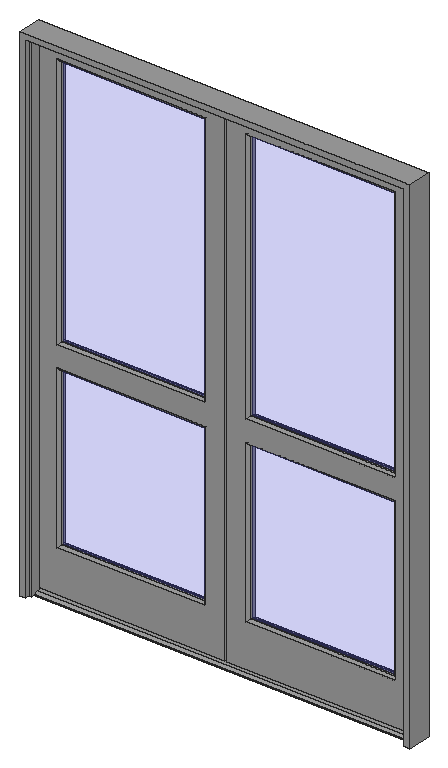
Revit family "MS-375 DOOR-Double-VIP-0.25-CW_v04", category Curtain Panels, Revit 2015
Parameters
  Width [instance] = 6' - 2"
  VIP2 Panic Devices [instance] = not(VIP1 Panic Devices)  # yes
  URL = "obe.com"
  Rough Width = 6' - 0"
  Panel Width [instance] = Min Panel Width  # 6' - 0"
  Panel Offset [instance] = 0' - 0"
  Offset [instance] = 0' - 0"
  Model = "MS-375-DOOR"
  Min Rough Width = if(Rough Width > 6' 1 255/256", Rough Width, 6' 2")  # 6' - 2"
  Min Panel Width = if(Rough Width > 6' 1 255/256", Rough Width - 0' 2", 6' 0")  # 6' - 0"
  Manufacturer = "Oldcastle BuildingEnvelope®"
  Keynote = "08 11 00"
  Hinge [instance] = yes
  Height [instance] = 8' - 0"
  Pushbar Height [instance] = 3' - 5 1/4"  # constant formula
  Glass Material = Glass
  Frame Material = Aluminum
  Door Panel Height [instance] = Height - 0' 0 5/8"  # 7' - 11 3/8"
  Description = "MS-375 - 1/4\" Door Infill"
  Assembly Code = "B2030"
  Analytic Construction = "<None>"
  VIP1 Panic Devices [instance] = no
  10 Bottom Rail [instance] = not([8 Bottom Rail])  # no
  8 Bottom Rail [instance] = yes
Reference planes (in)
  plane 1 "Front": y = 0
  plane 2: z = 0
  plane 3 "Center (Left/Right)": x = 0
  plane 4 "Left": x = -37
  plane 5 "Right": x = 37
  plane 6 "Top": z = 96
  plane 7 "Offset": y = 0
  plane 8: y = -1.28244
  plane 9: y = -1.28244
  plane 10: x = -37
  plane 11: x = 37
Forms (in)
  Sweep 1, solid, material "Aluminum" <- "Frame Material"
    path origin (0, 0, 0) x (-1, 0, 0) y (0, 0, 1)
      loop
        line (37, 0) -> (37, 96)
    profile origin (-37, 0, 48) x (1, 0, 0) y (0, 1, 0)
      loop
        line (1, -1.97) -> (1, 0) -> (0, 0) -> (0, -4.5) -> (1, -4.5) -> (1, -3.595) -> (1.5, -3.595) -> (1.5, -1.97) -> (1, -1.97)
  Sweep 2, solid, material "Aluminum" <- "Frame Material"
    path origin (0, 0, 0) x (-1, 0, 0) y (0, 0, 1)
      loop
        line (-37, 0) -> (-37, 96)
    profile origin (37, 0, 48) x (1, 0, 0) y (0, 1, 0)
      loop
        line (-1, -1.97) -> (-1.5, -1.97) -> (-1.5, -3.595) -> (-1, -3.595) -> (-1, -4.5) -> (0, -4.5) -> (0, 0) -> (-1, 0) -> (-1, -1.97)
  Extrusion 3, solid, material "Aluminum" <- "Frame Material"
    sketch origin (-37, 0, 0) x (0, -1, 0) y (0, 0, 1)
      loop
        line (1.97, 94.5) -> (3.595, 94.5) -> (3.595, 95) -> (4.5, 95) -> (4.5, 96) -> (0, 96) -> (0, 95) -> (1.97, 95) -> (1.97, 94.5)
    from -74 to 0
Cuts and joins
  joined: Sweep 1, Sweep 2, Extrusion 3
Text (in)
  text "Exterior" at (-54.29358, 31.38743, 0), in view "Ref. Level"
  text "Exterior" at (480, 41.53993, 89.60405), in view "Right"
  text "Exterior" at (-240, 57.82419, 105.78864), in view "Left"
Dimensions and locks (in)
  equal spacing: plane 4 "Left", plane 3 "Center (Left/Right)", plane 5 "Right"
  "Width": plane 4 "Left" to plane 5 "Right"
  "Height": plane 6 "Top" to plane 2
  "Offset": plane 1 "Front" to plane 7 "Offset"
  locked: plane 7 "Offset" to plane 8 at 1.28244
  locked: plane 7 "Offset" to plane 9 at 1.28244
  locked: plane 7 "Offset" to nested 3 at 1.28244
  Extrusion 3 sketch curve to Extrusion 3 sketch curve to Extrusion 3 sketch curve = 0' - 0 1/2" locked, 0' - 0" locked
  Extrusion 3 sketch curve to Extrusion 3 sketch curve to Extrusion 3 sketch curve to Extrusion 3 sketch curve = 0' - 1.97" locked, 0' - 1 5/8" locked, 0' - 0.905" locked
  locked: Extrusion 3 sketch curve to Extrusion 3 sketch curve at 1
  equal spacing: plane 10, plane 3 "Center (Left/Right)", plane 11
  "Min Rough Width": plane 10 to plane 11
  aligned and locked: level to plane 2
  aligned and locked: nested 1 to plane 8
  aligned and locked: plane 9 to nested 2
  aligned and locked: plane 6 "Top" to Sweep 1 sketch curve
  aligned and locked: level to Sweep 1 sketch curve
  aligned and locked: plane 6 "Top" to Sweep 2 sketch curve
  aligned and locked: level to Sweep 2 sketch curve
  aligned and locked: plane 6 "Top" to nested 3
  aligned and locked: Extrusion 3 to plane 6 "Top"
  aligned and locked: Extrusion 3 sketch curve to plane 6 "Top"
  aligned and locked: plane 3 "Center (Left/Right)" to nested 4
  aligned and locked: nested 4 to plane 7 "Offset"
  aligned and locked: nested 2 to plane 10
  aligned and locked: plane 11 to nested 1
  aligned and locked: plane 11 to Sweep 2 sketch curve
  aligned and locked: Sweep 1 sketch curve to plane 10
  aligned and locked: cut or joined group of Sweep 1, Sweep 2, Extrusion 3 to plane 11
  aligned and locked: cut or joined group of Sweep 1, Sweep 2, Extrusion 3 to plane 10
Automatic sketch dimensions
  Sweep 1 sketch curve to profile plane = 0' - 0"
  Sweep 1 sketch curve to plane 7 "Offset" = 0' - 0"
  Sweep 1 sketch curve to profile plane = 0' - 1"  (x2)
  Sweep 1 sketch curve to Sweep 1 sketch curve = 0' - 0 1/2"
  Sweep 1 sketch curve to plane 7 "Offset" = 0' - 1.97"
  Sweep 1 sketch curve to Sweep 1 sketch curve = 0' - 1 5/8"
  Sweep 1 sketch curve to Sweep 1 sketch curve = 0' - 0.905"
  Sweep 2 sketch curve to plane 7 "Offset" = 0' - 0"
  Sweep 2 sketch curve to profile plane = 0' - 0"
  profile plane to Sweep 2 sketch curve = 0' - 1"  (x2)
  Sweep 2 sketch curve to Sweep 2 sketch curve = 0' - 0 1/2"
  Sweep 2 sketch curve to plane 7 "Offset" = 0' - 1.97"
  Sweep 2 sketch curve to Sweep 2 sketch curve = 0' - 1 5/8"
  Sweep 2 sketch curve to Sweep 2 sketch curve = 0' - 0.905"
  Extrusion 3 sketch curve to plane 7 "Offset" = 0' - 0"
Nested families (in)
  nested 1: "2.5x6-RTCIG CW-H8533-DHD-OHD SC-DI" at (37, -1.28244, 0) x (0, -1, 0) z (0, 0, 1), type "2.5x6-RTCIG CW-H8533-DHD-OHD SC-DI"
  nested 2: "2.5x6-RTCIG CW-H8533-DHD-OHD SC-DI" at (-37, -1.28244, 0) x (0, -1, 0) z (0, 0, 1), type "2.5x6-RTCIG CW-H8533-DHD-OHD SC-DI"
  nested 3: "2.5x6-RTCIG CW-H8533-DHD-OHD SC-DI" at (-33, -1.28244, 96) x (0, -1, 0) z (-1, 0, 0), type "2.5x6-RTCIG CW-H8533-DHD-OHD SC-DI"
  nested 4: "MS-375 DOOR-Double-VIP-0.25-Panel_v03" at (0, -16, 0), Height <- "Door Panel Height", Hinge <- "Hinge", Frame Material <- "Frame Material", Glass Material <- "Glass Material", Width <- "Min Panel Width", VIP1 Panic Devices <- "VIP1 Panic Devices", 8 Bottom Rail <- "8 Bottom Rail", Offset <- "Panel Offset", type "MS-375 DOOR-Double-VIP-0.25-Panel_v03"
    with Wing Width 3' - 0", built-in parameter 1001301 6' - 0", VIP1 Panic Devices no, Pushbar Height 3' - 5 1/4", Offset 0' - 0", Hinge yes, built-in parameter 1001300 7' - 11 3/8", Glass at Muntin 0' - 4 9/16", Glass Material Glass, Frame Material Aluminum, Bottom Rail 0' - 8 31/32", 8 Bottom Rail yes
Definition of nested family "MS-375 DOOR-Double-VIP-0.25-Panel_v03"
  Parameters (values of type "MS-375 DOOR-Double-VIP-0.25-Panel_v03")
    Wing Width [instance] = Width / 2  # 3' - 0"
    Width [instance] = 6' - 0"
    VIP1 Panic Devices [instance] = no
    Offset [instance] = 0' - 10.9713"
    Hinge [instance] = yes
    Height [instance] = 8' - 0"
    Glass at Muntin [instance] = if(VIP1 Panic Devices, 0' 8 9/16", 0' 4 9/16")  # 0' - 4 9/16"
    Pushbar Height [instance] = 3' - 5 1/4"  # constant formula
    Glass Material [instance] = none
    Frame Material [instance] = none
    Bottom Rail [instance] = if([8 Bottom Rail], 0' 8 31/32", 0' 10 31/32")  # 0' - 10 31/32"
    8 Bottom Rail [instance] = no
  Reference planes (in)
    plane 1 "00": y = 4.0912
    plane 2: z = 0
    plane 3 "Center (Left/Right)": x = 0
    plane 4: z = 96
    plane 5: x = 36
    plane 6: x = -36
    plane 7 "Center (Front/Back)": y = 16
    plane 8 "Exterior": y = 4.2162
    plane 9: z = 48
    plane 10: z = 92.96875
    plane 11: z = 92.21875
    plane 12: z = 43.53125
    plane 13: z = 38.96875
    plane 14: z = 10.96875
    plane 15 "Offset": y = 5.0287
    plane 16: z = 41.25
  Forms (in)
    Sweep 1, solid, material <- "Frame Material"
      path origin (0, 4.0912, 0) x (1, 0, 0) y (0, 0, 1)
        loop
          line (-35.79434, 96) -> (-0.22004, 96)
      profile origin (-18.00719, 4.0912, 96) x (0, 0, 1) y (0, -1, 0)
        loop
          line (-0.5, -0.875) -> (-0.5, 0.875) -> (-3.49593, 0.875) -> (-4, 0.45204) -> (-4, 0.125) -> (-3.78125, 0.125) -> (-3.78125, -0.125) -> (-4, -0.125) -> (-4, -0.45204) -> (-3.49593, -0.875) -> (-0.5, -0.875)
    Sweep 2, solid, material <- "Frame Material"
      path origin (0, 4.0912, 0) x (1, 0, 0) y (0, 0, 1)
        loop
          line (-0.22004, 0) -> (-35.79434, 0)
      profile origin (-18.00719, 4.0912, 0) x (0, 0, -1) y (0, -1, 0)
        loop
          line (-10.68343, -0.875) -> (-0.6875, -0.875) -> (-0.6875, 0.875) -> (-10.68343, 0.875) -> (-11.1875, 0.45204) -> (-11.1875, 0.125) -> (-10.96875, 0.125) -> (-10.96875, -0.125) -> (-11.1875, -0.125) -> (-11.1875, -0.45204) -> (-10.68343, -0.875)
    Sweep 3, solid, material <- "Frame Material"
      path origin (0, 4.0912, 0) x (1, 0, 0) y (0, 0, 1)
        loop
          line (36, 95.5) -> (36, 0.6875)
      profile origin (36, 4.0912, 48.09375) x (0, -1, 0) y (1, 0, 0)
        loop
          line (0.875, -0.19608) -> (-0.875, -0.08708) -> (-0.875, -3.83189) -> (-0.45204, -4.33596) -> (-0.125, -4.33596) -> (-0.125, -4.11721) -> (0.125, -4.11721) -> (0.125, -4.33596) -> (0.45204, -4.33596) -> (0.875, -3.83189) -> (0.875, -0.19608)
    Sweep 4, solid, material <- "Frame Material"
      path origin (0, 4.0912, 0) x (1, 0, 0) y (0, 0, 1)
        loop
          line (-36, 95.5) -> (-36, 0.6875)
      profile origin (-36, 4.0912, 48.09375) x (0, -1, 0) y (1, 0, 0)
        loop
          line (-0.875, 0.09666) -> (0.875, 0.20566) -> (0.875, 3.84147) -> (0.45204, 4.34554) -> (0.125, 4.34554) -> (0.125, 4.12679) -> (-0.125, 4.12679) -> (-0.125, 4.34554) -> (-0.45204, 4.34554) -> (-0.875, 3.84147) -> (-0.875, 0.09666)
    Sweep 5, solid, material <- "Frame Material"
      path origin (0, 4.0912, 0) x (1, 0, 0) y (0, 0, 1)
        loop
          line (-0.22004, 48) -> (-35.79434, 48)
      profile origin (-18.00719, 4.0912, 48) x (0, 0, -1) y (0, -1, 0)
        loop
          line (4.25, 0.45204) -> (4.25, 0.125) -> (4.46875, 0.125) -> (4.46875, -0.125) -> (4.25, -0.125) -> (4.25, -0.45204) -> (4.75407, -0.875) -> (8.74593, -0.875) -> (9.25, -0.45204) -> (9.25, -0.125) -> (9.03125, -0.125) -> (9.03125, 0.125) -> (9.25, 0.125) -> (9.25, 0.45204) -> (8.74593, 0.875) -> (4.75407, 0.875) -> (4.25, 0.45204)
    Sweep 6, solid, material <- "Frame Material"
      path origin (0, 4.0912, 0) x (1, 0, 0) y (0, 0, 1)
        loop
          line (0, 95.5) -> (0, 0.6875)
      profile origin (0, 4.0912, 48.09375) x (0, -1, 0) y (1, 0, 0)
        loop
          line (-0.875, -0.22004) -> (-0.875, -3.80843) -> (-0.45204, -4.3125) -> (-0.125, -4.3125) -> (-0.125, -4.09375) -> (0.125, -4.09375) -> (0.125, -4.3125) -> (0.45204, -4.3125) -> (0.875, -3.80843) -> (0.875, -0.22004)
          arc (0.875, -0.22004) -> (0, -0.0625) -> (-0.875, -0.22004) r 2.50872
        loop
          arc (-0.875, 0.22004) -> (0, 0.0625) -> (0.875, 0.22004) r 2.50872
          line (0.875, 0.22004) -> (0.875, 3.80843) -> (0.45204, 4.3125) -> (0.125, 4.3125) -> (0.125, 4.09375) -> (-0.125, 4.09375) -> (-0.125, 4.3125) -> (-0.45204, 4.3125) -> (-0.875, 3.80843) -> (-0.875, 0.22004)
    Sweep 7, solid, material <- "Frame Material"
      path origin (0, 4.0912, 0) x (1, 0, 0) y (0, 0, 1)
        loop
          line (0.22004, 96) -> (35.80392, 96)
      profile origin (18.01198, 4.0912, 96) x (0, 0, 1) y (0, -1, 0)
        loop
          line (-0.5, -0.875) -> (-0.5, 0.875) -> (-3.49593, 0.875) -> (-4, 0.45204) -> (-4, 0.125) -> (-3.78125, 0.125) -> (-3.78125, -0.125) -> (-4, -0.125) -> (-4, -0.45204) -> (-3.49593, -0.875) -> (-0.5, -0.875)
    Sweep 8, solid, material <- "Frame Material"
      path origin (0, 4.0912, 0) x (1, 0, 0) y (0, 0, 1)
        loop
          line (35.80392, 48) -> (0.22004, 48)
      profile origin (18.01198, 4.0912, 48) x (0, 0, -1) y (0, -1, 0)
        loop
          line (4.25, 0.45204) -> (4.25, 0.125) -> (4.46875, 0.125) -> (4.46875, -0.125) -> (4.25, -0.125) -> (4.25, -0.45204) -> (4.75407, -0.875) -> (8.74593, -0.875) -> (9.25, -0.45204) -> (9.25, -0.125) -> (9.03125, -0.125) -> (9.03125, 0.125) -> (9.25, 0.125) -> (9.25, 0.45204) -> (8.74593, 0.875) -> (4.75407, 0.875) -> (4.25, 0.45204)
    Sweep 9, solid, material <- "Frame Material"
      path origin (0, 4.0912, 0) x (1, 0, 0) y (0, 0, 1)
        loop
          line (35.80392, 0) -> (0.22004, 0)
      profile origin (18.01198, 4.0912, 0) x (0, 0, -1) y (0, -1, 0)
        loop
          line (-10.68343, -0.875) -> (-0.6875, -0.875) -> (-0.6875, 0.875) -> (-10.68343, 0.875) -> (-11.1875, 0.45204) -> (-11.1875, 0.125) -> (-10.96875, 0.125) -> (-10.96875, -0.125) -> (-11.1875, -0.125) -> (-11.1875, -0.45204) -> (-10.68343, -0.875)
    Extrusion 10, solid, material <- "Glass Material"
      sketch origin (0, 0, 0) x (1, 0, 0) y (0, 1, 0)
        loop
          line (-31.87209, 4.2162) -> (-31.87209, 3.9662) -> (-4.09375, 3.9662) -> (-4.09375, 4.2162) -> (-31.87209, 4.2162)
      from 10.96875 to 38.96875
    Extrusion 11, solid, material <- "Glass Material"
      sketch origin (0, 0, 0) x (1, 0, 0) y (0, 1, 0)
        loop
          line (4.09375, 4.2162) -> (4.09375, 3.9662) -> (31.88167, 3.9662) -> (31.88167, 4.2162) -> (4.09375, 4.2162)
      from 10.96875 to 38.96875
    Extrusion 12, solid, material <- "Glass Material"
      sketch origin (0, 0, 0) x (1, 0, 0) y (0, 1, 0)
        loop
          line (-4.09375, 4.2162) -> (-31.87209, 4.2162) -> (-31.87209, 3.9662) -> (-4.09375, 3.9662) -> (-4.09375, 4.2162)
      from 43.53125 to 92.21875
    Extrusion 13, solid, material <- "Glass Material"
      sketch origin (0, 0, 0) x (1, 0, 0) y (0, 1, 0)
        loop
          line (31.88167, 4.2162) -> (4.09375, 4.2162) -> (4.09375, 3.9662) -> (31.88167, 3.9662) -> (31.88167, 4.2162)
      from 43.53125 to 92.21875
    Sweep 14, solid, material <- "Frame Material"
      path origin (0, 5.0287, 0) x (1, 0, 0) y (0, 0, 1)
        loop
          line (-35.79434, 0) -> (35.80392, 0)
      profile origin (0.00479, 5.0287, 0) x (0, 0, 1) y (0, -1, 0)
        loop
          line (0.5, 2.468) -> (0.19364, 3.125) -> (0, 3.125) -> (0, -0.875) -> (0.19364, -0.875) -> (0.5, -0.218) -> (0.5, 2.468)
  Cuts and joins
    joined: Sweep 1, Sweep 2, Sweep 3, Sweep 4, Sweep 5, Sweep 6, Sweep 7, Sweep 8, Sweep 9
  Lines and regions (in)
    model lines
      curve 1: line (4.09375, 4.2162, 92.21875) -> (31.66404, 4.2162, 48)
      curve 2: line (31.66404, 4.2162, 48) -> (4.09375, 4.2162, 10.96875)
      curve 3: line (-4.09375, 4.2162, 92.21875) -> (-31.87321, 4.2162, 48)
      curve 4: line (-31.87321, 4.2162, 48) -> (-4.09375, 4.2162, 10.96875)
  Dimensions and locks (in)
    "Height": plane 4 to level
    "Width": plane 6 to plane 5
    equal spacing: level, plane 9, plane 4
    locked: Sweep 2 sketch curve to plane 6 at 0.20566
    locked: plane 3 "Center (Left/Right)" to Sweep 2 sketch curve at 0.22004
    locked: Sweep 3 sketch curve to plane 4 at 0.5
    locked: Sweep 4 sketch curve to plane 4 at 0.5
    locked: Sweep 1 sketch curve to plane 6 at 0.20566
    locked: plane 3 "Center (Left/Right)" to Sweep 1 sketch curve at 0.22004
    "Bottom Rail": Sweep 2 sketch curve to level
    Sweep 2 sketch curve to Sweep 2 sketch curve to Sweep 2 sketch curve to Sweep 2 sketch curve to Sweep 2 sketch curve = 0' - 0" locked, 0' - 0 7/32" locked, 0' - 0.28532" locked, 0' - 0" locked
    locked: plane 3 "Center (Left/Right)" to Sweep 5 sketch curve at 0.22004
    locked: Sweep 5 sketch curve to plane 6 at 0.20566
    plane 12 to Sweep 5 sketch curve to Sweep 5 sketch curve = 0' - 0.28532" locked, 0' - 0" locked
    Sweep 5 sketch curve to Sweep 5 sketch curve to Sweep 5 sketch curve to plane 13 to Sweep 5 sketch curve = 0' - 0" locked, 0' - 0.28532" locked, 0' - 0" locked, 0' - 0 7/32" locked
    locked: Sweep 7 sketch curve to plane 3 "Center (Left/Right)" at 0.22004
    locked: plane 5 to Sweep 7 sketch curve at 0.19608
    "Glass at Muntin": plane 12 to plane 13
    plane 12 to Sweep 8 sketch curve to Sweep 8 sketch curve = 0' - 0.28532" locked, 0' - 0" locked
    Sweep 8 sketch curve to Sweep 8 sketch curve to plane 13 to Sweep 8 sketch curve to Sweep 8 sketch curve = 0' - 0" locked, 0' - 0.28532" locked, 0' - 0 7/32" locked, 0' - 0" locked
    locked: plane 5 to Sweep 8 sketch curve at 0.19608
    locked: Sweep 8 sketch curve to plane 3 "Center (Left/Right)" at 0.22004
    Sweep 9 sketch curve to Sweep 9 sketch curve to plane 14 to Sweep 9 sketch curve to Sweep 9 sketch curve = 0' - 0" locked, 0' - 0 7/32" locked, 0' - 0.28532" locked, 0' - 0" locked
    locked: plane 5 to Sweep 9 sketch curve at 0.19608
    locked: Sweep 9 sketch curve to plane 3 "Center (Left/Right)" at 0.22004
    Extrusion 11 sketch curve to plane 1 "00" to Extrusion 11 sketch curve = 0' - 0 1/8" locked, 0' - 0 1/8" locked
    locked: Extrusion 11 sketch curve to plane 5 at 4.11833
    locked: plane 3 "Center (Left/Right)" to Extrusion 11 sketch curve at 4.09375
    Extrusion 10 sketch curve to plane 1 "00" to Extrusion 10 sketch curve = 0' - 0 1/8" locked, 0' - 0 1/8" locked
    locked: plane 6 to Extrusion 10 sketch curve at 4.12791
    locked: Extrusion 10 sketch curve to plane 3 "Center (Left/Right)" at 4.09375
    "Bottom Rail": level to plane 14
    locked: plane 6 to Extrusion 12 sketch curve at 4.12791
    locked: Extrusion 12 sketch curve to plane 3 "Center (Left/Right)" at 4.09375
    Extrusion 12 sketch curve to plane 1 "00" to Extrusion 12 sketch curve = 0' - 0 1/8" locked, 0' - 0 1/8" locked
    locked: plane 4 to plane 11 at 3.78125
    Extrusion 13 sketch curve to plane 1 "00" to Extrusion 13 sketch curve = 0' - 0 1/8" locked, 0' - 0 1/8" locked
    locked: Extrusion 13 sketch curve to plane 5 at 4.11833
    locked: plane 3 "Center (Left/Right)" to Extrusion 13 sketch curve at 4.09375
    locked: plane 4 to Extrusion 13 at 3.78125
    equal spacing: plane 6, plane 3 "Center (Left/Right)", plane 5
    "Offset": plane 15 "Offset" to plane 7 "Center (Front/Back)"
    plane 1 "00" to plane 8 "Exterior" to plane 15 "Offset" = 0' - 0 1/8" locked, 0' - 0 13/16" locked
    equal spacing: plane 13, plane 16, plane 12
    "Pushbar Height": plane 2 to plane 16
    locked: plane 1 "00" to nested 1 at 0.0287
    locked: plane 5 to Sweep 14 sketch curve at 0.19608
    locked: Sweep 14 sketch curve to plane 6 at 0.20566
    locked: Sweep 4 sketch curve to plane 2 at 0.6875
    locked: Sweep 6 sketch curve to plane 2 at 0.6875
    locked: Sweep 3 sketch curve to plane 2 at 0.6875
    aligned and locked: plane 2 to level
    aligned and locked: plane 3 "Center (Left/Right)" to nested 1
    aligned and locked: Sweep 1 sketch curve to plane 4
    aligned and locked: Sweep 2 sketch curve to level
    aligned and locked: level to nested 2
    aligned and locked: nested 2 to plane 1 "00"
    aligned and locked: plane 5 to Sweep 3 sketch curve
    aligned and locked: plane 6 to Sweep 4 sketch curve
    aligned and locked: Sweep 5 sketch curve to plane 9
    aligned and locked: plane 3 "Center (Left/Right)" to Sweep 6 sketch curve
    aligned and locked: Sweep 9 sketch curve to level
    aligned and locked: Sweep 8 sketch curve to plane 9
    aligned and locked: plane 4 to Sweep 7 sketch curve
    aligned and locked: Extrusion 12 to cut or joined group of Sweep 1, Sweep 2, Sweep 3, Sweep 4, Sweep 5, Sweep 6, Sweep 7, Sweep 8, Sweep 9
    aligned and locked: Extrusion 13 to cut or joined group of Sweep 1, Sweep 2, Sweep 3, Sweep 4, Sweep 5, Sweep 6, Sweep 7, Sweep 8, Sweep 9
    aligned and locked: Extrusion 13 to plane 11
    aligned and locked: Sweep 8 sketch curve to plane 13
    aligned and locked: Extrusion 11 to plane 13
    aligned and locked: plane 12 to Extrusion 13
    aligned and locked: Sweep 7 sketch curve to plane 11
    aligned and locked: plane 14 to Extrusion 11
    aligned and locked: plane 14 to Sweep 9 sketch curve
    aligned and locked: Sweep 1 sketch curve to plane 11
    aligned and locked: Sweep 5 sketch curve to plane 12
    aligned and locked: plane 12 to Extrusion 12
    aligned and locked: Extrusion 10 to plane 13
    aligned and locked: plane 14 to Extrusion 10
    aligned and locked: Extrusion 12 to plane 11
    aligned and locked: cut or joined group of Sweep 1, Sweep 2, Sweep 3, Sweep 4, Sweep 5, Sweep 6, Sweep 7, Sweep 8, Sweep 9 to curve 4  (x2)
    aligned and locked: plane 14 to curve 4
    aligned and locked: plane 9 to curve 4
    aligned and locked: curve 3 to cut or joined group of Sweep 1, Sweep 2, Sweep 3, Sweep 4, Sweep 5, Sweep 6, Sweep 7, Sweep 8, Sweep 9
    aligned and locked: plane 11 to curve 3
    aligned and locked: cut or joined group of Sweep 1, Sweep 2, Sweep 3, Sweep 4, Sweep 5, Sweep 6, Sweep 7, Sweep 8, Sweep 9 to curve 1
    aligned and locked: plane 9 to curve 2
    aligned and locked: cut or joined group of Sweep 1, Sweep 2, Sweep 3, Sweep 4, Sweep 5, Sweep 6, Sweep 7, Sweep 8, Sweep 9 to curve 2
    aligned and locked: plane 14 to curve 2
    aligned and locked: Sweep 14 sketch curve to plane 2
  Automatic sketch dimensions
    plane 1 "00" to Sweep 1 sketch curve = 0' - 0 1/8"
    Sweep 1 sketch curve to plane 1 "00" = 0' - 0.45204"
    Sweep 1 sketch curve to Sweep 1 sketch curve = 0' - 0"
    Sweep 1 sketch curve to Sweep 1 sketch curve = 0' - 0 7/32"
    plane 1 "00" to Sweep 1 sketch curve = 0' - 0 7/8"
    Sweep 1 sketch curve to Sweep 1 sketch curve = 0' - 0.50407"  (x2)
    profile plane to Sweep 1 sketch curve = 0' - 0 1/2"
    Sweep 1 sketch curve to plane 1 "00" = 0' - 0 7/8"
    Sweep 1 sketch curve to plane 1 "00" = 0' - 0 1/8"
    Sweep 1 sketch curve to Sweep 1 sketch curve = 0' - 0.32704"
    Sweep 6 sketch curve to plane 4 = 0' - 0 1/2"
    plane 1 "00" to Sweep 6 sketch curve = 0' - 0"  (x2)
    Sweep 6 sketch curve to plane 1 "00" = 0' - 0 1/8"  (x2)
    Sweep 6 sketch curve to Sweep 6 sketch curve = 0' - 0.32704"  (x4)
    Sweep 6 sketch curve to profile plane = 0' - 0.22004"
    Sweep 6 sketch curve to plane 1 "00" = 0' - 0 7/8"
    Sweep 6 sketch curve to Sweep 6 sketch curve = 0' - 0.42296"  (x3)
    plane 1 "00" to Sweep 6 sketch curve = 0' - 0 1/8"  (x2)
    profile plane to Sweep 6 sketch curve = 0' - 0.22004"
    Sweep 6 sketch curve to Sweep 6 sketch curve = 0' - 3.58839"  (x2)
    Sweep 6 sketch curve to Sweep 6 sketch curve = 0' - 0"  (x2)
    Sweep 6 sketch curve to Sweep 6 sketch curve = 0' - 0.28532"  (x2)
    Sweep 6 sketch curve to Sweep 6 sketch curve = 0' - 1.52253"  (x2)
    Sweep 6 sketch curve to Sweep 6 sketch curve = 0' - 1.74128"  (x4)
    plane 1 "00" to Sweep 7 sketch curve = 0' - 0 1/8"
    Sweep 7 sketch curve to plane 1 "00" = 0' - 0.45204"
    Sweep 7 sketch curve to Sweep 7 sketch curve = 0' - 0"
    Sweep 7 sketch curve to Sweep 7 sketch curve = 0' - 0 7/32"
    plane 1 "00" to Sweep 7 sketch curve = 0' - 0 7/8"
    Sweep 7 sketch curve to Sweep 7 sketch curve = 0' - 0.50407"  (x2)
    profile plane to Sweep 7 sketch curve = 0' - 0 1/2"
    Sweep 7 sketch curve to plane 1 "00" = 0' - 0 7/8"
    Sweep 7 sketch curve to plane 1 "00" = 0' - 0 1/8"
    Sweep 7 sketch curve to Sweep 7 sketch curve = 0' - 0.32704"
    Sweep 8 sketch curve to Sweep 8 sketch curve = 0' - 0 7/32"  (x2)
    Sweep 8 sketch curve to plane 1 "00" = 0' - 0 7/8"
    Sweep 8 sketch curve to plane 1 "00" = 0' - 0.45204"  (x2)
    Sweep 8 sketch curve to plane 1 "00" = 0' - 0 1/8"  (x2)
    plane 1 "00" to Sweep 8 sketch curve = 0' - 0 1/8"  (x2)
    Sweep 8 sketch curve to Sweep 8 sketch curve = 0' - 0.32704"  (x2)
    Sweep 8 sketch curve to Sweep 8 sketch curve = 0' - 0.42296"
    Sweep 8 sketch curve to Sweep 8 sketch curve = 0' - 0.28532"
    Sweep 5 sketch curve to Sweep 5 sketch curve = 0' - 0 7/32"  (x3)
    Sweep 5 sketch curve to plane 1 "00" = 0' - 0 7/8"
    Sweep 5 sketch curve to plane 1 "00" = 0' - 0.45204"  (x2)
    Sweep 5 sketch curve to plane 1 "00" = 0' - 0 1/8"  (x2)
    plane 1 "00" to Sweep 5 sketch curve = 0' - 0 1/8"  (x2)
    Sweep 5 sketch curve to Sweep 5 sketch curve = 0' - 0.32704"  (x2)
    Sweep 5 sketch curve to Sweep 5 sketch curve = 0' - 0.42296"
    profile plane to Sweep 9 sketch curve = 0' - 0 11/16"
    Sweep 9 sketch curve to plane 1 "00" = 0' - 0.45204"
    Sweep 9 sketch curve to plane 1 "00" = 0' - 0 1/8"
    plane 1 "00" to Sweep 9 sketch curve = 0' - 0 1/8"
    Sweep 9 sketch curve to Sweep 9 sketch curve = 0' - 0.32704"
    Sweep 9 sketch curve to Sweep 9 sketch curve = 0' - 0.42296"  (x2)
    Sweep 4 sketch curve to plane 1 "00" = 0' - 0 7/8"
    Sweep 4 sketch curve to plane 1 "00" = 0' - 0.45204"
    Sweep 4 sketch curve to plane 1 "00" = 0' - 0 1/8"
    plane 1 "00" to Sweep 4 sketch curve = 0' - 0 1/8"
    Sweep 4 sketch curve to Sweep 4 sketch curve = 0' - 0.32704"
    Sweep 4 sketch curve to Sweep 4 sketch curve = 0' - 0.42296"
    Sweep 4 sketch curve to profile plane = 0' - 3.84147"
    Sweep 4 sketch curve to Sweep 4 sketch curve = 0' - 0"
    Sweep 4 sketch curve to Sweep 4 sketch curve = 0' - 0.28532"
    Sweep 4 sketch curve to Sweep 4 sketch curve = 0' - 0 7/32"  (x2)
    Sweep 4 sketch curve to profile plane = 0' - 0.20566"
    Sweep 4 sketch curve to profile plane = 0' - 0.09666"
    Sweep 3 sketch curve to plane 1 "00" = 0' - 0 7/8"
    Sweep 3 sketch curve to plane 1 "00" = 0' - 0.45204"
    Sweep 3 sketch curve to plane 1 "00" = 0' - 0 1/8"
    plane 1 "00" to Sweep 3 sketch curve = 0' - 0 1/8"
    Sweep 3 sketch curve to Sweep 3 sketch curve = 0' - 0.32704"
    Sweep 3 sketch curve to Sweep 3 sketch curve = 0' - 0.42296"
    profile plane to Sweep 3 sketch curve = 0' - 4 43/128"
    Sweep 3 sketch curve to Sweep 3 sketch curve = 0' - 0"
    Sweep 3 sketch curve to Sweep 3 sketch curve = 0' - 0 7/32"
    Sweep 3 sketch curve to Sweep 3 sketch curve = 0' - 0.50407"  (x2)
    profile plane to Sweep 3 sketch curve = 0' - 0.08708"
    profile plane to Sweep 3 sketch curve = 0' - 0.19608"
    curve 1 to plane 11 = 0' - 0"
    curve 2 to plane 5 = 0' - 4 43/128"
    Sweep 14 sketch curve to profile plane = 0' - 0.19364"  (x2)
    Sweep 14 sketch curve to plane 15 "Offset" = 0' - 0 7/8"
    Sweep 14 sketch curve to profile plane = 0' - 0"
    Sweep 14 sketch curve to plane 15 "Offset" = 0' - 0.218"
    Sweep 14 sketch curve to Sweep 14 sketch curve = 0' - 2.686"
    Sweep 14 sketch curve to profile plane = 0' - 0 1/2"
    Sweep 14 sketch curve to Sweep 14 sketch curve = 0' - 0.657"
    profile plane to Sweep 2 sketch curve = 0' - 0 11/16"
    Sweep 2 sketch curve to plane 1 "00" = 0' - 0 7/8"
    Sweep 2 sketch curve to plane 1 "00" = 0' - 0.45204"
    Sweep 2 sketch curve to plane 1 "00" = 0' - 0 1/8"
    plane 1 "00" to Sweep 2 sketch curve = 0' - 0 1/8"
    Sweep 2 sketch curve to Sweep 2 sketch curve = 0' - 0.32704"
    Sweep 2 sketch curve to Sweep 2 sketch curve = 0' - 0.42296"
  Nested families (in)
    nested 1: "MS-375 DOOR-Double-VIP-0.25-Plan View" at (0, 4.1199, 0), Wing Width <- "Wing Width", Hinge <- "Hinge", Width <- "Width", type "MS-375 DOOR-Double-VIP-0.25-Plan View"
      with Wing Width 3' - 0", Width 6' - 0", Hinge yes
    nested 2: "MS-375 DOOR-Double-VIP-0.25-Section_v02" at (0, 4.0912, 0) x (0, -1, 0) z (1, 0, 0), Height <- "Height", VIP1 Panic Devices <- "VIP1 Panic Devices", 8 Bottom Rail <- "8 Bottom Rail", type "MS-375 DOOR-Double-VIP-0.25-Section_v02"
      with VIP2 Panic Devices yes, VIP1 Panic Devices no, Pushbar Height 3' - 5 1/4", Height 8' - 0", Glass at Muntins 0' - 4 9/16", Bottom Rail 0' - 10 31/32", 8 Bottom Rail no, 10 Bottom Rail yes
  Definition of nested family "MS-375 DOOR-Double-VIP-0.25-Plan View"
    Parameters (values of type "MS-375 DOOR-Double-VIP-0.25-Plan View")
      Wing Width [instance] = Width / 2  # 2' - 0"
      Width [instance] = 4' - 0"
      Hinge [instance] = yes
    Types (2): name
      MS-375 DOOR-Double-VIP-0.25-Plan View
      NS-212 DOOR-Double-VIP-0.25-Plan View
    Reference planes (in)
      plane 1 "Center (Front/Back)": y = 0
      plane 2: z = 0
      plane 3 "Center (Left/Right)": x = 0
      plane 4: x = -24
      plane 5: x = 24
      plane 6: x = 22.68437
      plane 7: x = -22.68437
    Lines and regions (in)
      detail lines, in view "Ref. Level", not visible
        curve 1: line (-19.87688, 0.125, 0) -> (-4.09375, 0.125, 0)
        curve 2: line (-19.87688, -0.125, 0) -> (-4.09375, -0.125, 0)
        curve 8: line (4.09375, -0.125, 0) -> (19.87688, -0.125, 0)
        curve 9: line (4.09375, 0.125, 0) -> (19.87688, 0.125, 0)
      detail lines, in view "Ref. Level"
        curve 3: line (22.55937, 5.47312, 0) -> (22.55937, 19.90625, 0)
        curve 7: line (22.80937, 5.47312, 0) -> (22.80937, 19.90625, 0)
        curve 10: line (-22.55937, 5.47312, 0) -> (-22.55937, 19.90625, 0)
        curve 14: line (-22.80937, 5.47312, 0) -> (-22.80937, 19.90625, 0)
        curve 15: arc (0.0625, 0, 0) -> (6.91855, 16.76986, 0) -> (23.55937, 23.93344, 0) r 23.9375
        curve 16: arc (-0.0625, 0, 0) -> (-6.91855, 16.76986, 0) -> (-23.55937, 23.93344, 0) r 23.9375
      detail lines, in view "Ref. Level", detail levels fine
        curve 4: line (22.62187, 5.47312, 0) -> (22.62187, 19.90625, 0)
        curve 5: line (22.68437, 5.47312, 0) -> (22.68437, 19.90625, 0)
        curve 6: line (22.74687, 5.47312, 0) -> (22.74687, 19.90625, 0)
        curve 11: line (-22.62187, 5.47312, 0) -> (-22.62187, 19.90625, 0)
        curve 12: line (-22.68437, 5.47312, 0) -> (-22.68437, 19.90625, 0)
        curve 13: line (-22.74687, 5.47312, 0) -> (-22.74687, 19.90625, 0)
    Dimensions and locks (in)
      equal spacing: plane 4, plane 3 "Center (Left/Right)", plane 5
      locked: plane 5 to plane 6 at 1.31563
      locked: plane 4 to plane 7 at 1.31563
      "Wing Width": plane 1 "Center (Front/Back)" to nested 3
      "Wing Width": plane 1 "Center (Front/Back)" to nested 4
      locked: nested 8 to plane 1 "Center (Front/Back)" at 0.9
      locked: nested 9 to plane 1 "Center (Front/Back)" at 0.9
      "Width": plane 4 to plane 5
      locked: plane 5 to nested 6 at 2.25
      locked: plane 5 to nested 5 at 2.25
      locked: nested 10 to plane 4 at 2.25
      locked: nested 7 to plane 4 at 2.25
      aligned and locked: plane 3 "Center (Left/Right)" to nested 1
      aligned and locked: nested 1 to plane 1 "Center (Front/Back)"
      aligned and locked: plane 3 "Center (Left/Right)" to nested 2
      aligned and locked: nested 2 to plane 1 "Center (Front/Back)"
      aligned and locked: nested 3 to plane 6
      aligned and locked: plane 7 to nested 4
      aligned and locked: nested 6 to plane 1 "Center (Front/Back)"
      aligned and locked: plane 1 "Center (Front/Back)" to nested 5
      aligned and locked: plane 1 "Center (Front/Back)" to nested 7
      aligned and locked: plane 6 to nested 8
      aligned and locked: nested 9 to plane 7
      aligned and locked: nested 2 to curve 8
      aligned and locked: nested 1 to curve 2
      aligned and locked: curve 14 to nested 4
      aligned and locked: nested 3 to curve 3
      aligned and locked: nested 9 to curve 14
      aligned and locked: curve 3 to nested 8
      aligned and locked: curve 8 to nested 5
      aligned and locked: nested 10 to plane 1 "Center (Front/Back)"
    Automatic sketch dimensions
      plane 1 "Center (Front/Back)" to curve 16 = 0' - 0"
      curve 16 to plane 4 = 0' - 0"
      curve 12 to plane 7 = 0' - 0"
      plane 1 "Center (Front/Back)" to curve 15 = 0' - 0"
      curve 5 to plane 6 = 0' - 0"
      curve 15 to plane 5 = 0' - 0"
      curve 16 to plane 7 = 0' - 0 7/8"
      curve 14 to curve 12 = 0' - 0 1/8"
      curve 13 to curve 12 = 0' - 0 1/16"
      plane 7 to curve 11 = 0' - 0 1/16"
      curve 11 to curve 10 = 0' - 0 1/16"
      plane 1 "Center (Front/Back)" to curve 2 = 0' - 0 1/8"
      plane 7 to curve 2 = 0' - 2.80749"
      curve 1 to plane 1 "Center (Front/Back)" = 0' - 0 1/8"
      curve 2 to curve 1 = 0' - 0"
      curve 1 to curve 2 = 0' - 0"
      curve 16 to plane 3 "Center (Left/Right)" = 0' - 0 1/16"
      plane 3 "Center (Left/Right)" to curve 15 = 0' - 0 1/16"
      curve 9 to plane 1 "Center (Front/Back)" = 0' - 0 1/8"
      curve 8 to curve 9 = 0' - 0"
      plane 1 "Center (Front/Back)" to curve 8 = 0' - 0 1/8"
      curve 9 to curve 8 = 0' - 0"
      plane 6 to curve 3 = 0' - 0 1/8"
      plane 6 to curve 4 = 0' - 0 1/16"
      curve 5 to curve 6 = 0' - 0 1/16"
      curve 6 to curve 7 = 0' - 0 1/16"
      curve 15 to plane 6 = 0' - 0 7/8"
      curve 4 to curve 7 = 0' - 0"
      curve 6 to curve 7 = 0' - 0"
      curve 4 to curve 5 = 0' - 0"
      curve 3 to curve 4 = 0' - 0"
      curve 14 to curve 13 = 0' - 0"
      curve 13 to curve 10 = 0' - 0"
      curve 13 to curve 12 = 0' - 0"
      curve 12 to curve 11 = 0' - 0"
      curve 10 to curve 12 = 0' - 0"
      curve 12 to curve 13 = 0' - 0"
      curve 6 to curve 5 = 0' - 0"
      curve 13 to curve 14 = 0' - 0"
      curve 5 to curve 4 = 0' - 0"
      curve 7 to curve 6 = 0' - 0"
      curve 11 to curve 12 = 0' - 0"
      curve 4 to curve 3 = 0' - 0"
    Nested families (in)
      nested 1: "M STILE L-DI" at (0, 0, 0) x (-1, 0, 0) z (0, 0, 1), type "M STILE L-DI", in view "Ref. Level", not visible
      nested 2: "M STILE R-DI" at (0, 0, 0) x (-1, 0, 0) z (0, 0, 1), type "M STILE R-DI", in view "Ref. Level", not visible
      nested 3: "M STILE R-DI" at (22.68437, 24, 0) x (0, 1, 0) z (0, 0, 1), type "M STILE R-DI", in view "Ref. Level"
      nested 4: "M STILE R-DI" at (-22.68437, 24, 0) x (0, 1, 0) z (0, 0, 1), type "M STILE R-DI", in view "Ref. Level"
      nested 5: "HINGE-HD-DI" at (26.25, 0, 0), type "HINGE-HD-DI", in view "Ref. Level", not visible
      nested 6: "HINGE-DI" at (26.25, 0, 0) x (-1, 0, 0) z (0, 0, 1), visible <- "Hinge", type "HINGE-DI", in view "Ref. Level"
      nested 7: "HINGE-DI" at (-26.25, 0, 0), visible <- "Hinge", type "HINGE-DI", in view "Ref. Level"
      nested 8: "HINGE-HD-DI" at (22.68437, -0.9, 0) x (0, -1, 0) z (0, 0, 1), type "HINGE-HD-DI", in view "Ref. Level"
      nested 9: "HINGE-HD-DI" at (-22.68437, -0.9, 0) x (0, -1, 0) z (0, 0, 1), type "HINGE-HD-DI", in view "Ref. Level"
      nested 10: "HINGE-HD-DI" at (-26.25, 0, 0) x (-1, 0, 0) z (0, 0, 1), type "HINGE-HD-DI", in view "Ref. Level", not visible
    Definition of nested family "M STILE L-DI"
      Reference planes (in)
        plane 1 "Center (Front/Back)": y = 0
        plane 2: z = 0
        plane 3 "Center (Left/Right)": x = 0
      Lines and regions (in)
        detail lines, in view "Ref. Level"
          curve 1: arc (0.22004, 0.875, 0) -> (0.0625, 0, 0) -> (0.22004, -0.875, 0) r 2.50872
          curve 2: line (0.22004, 0.875, 0) -> (3.80843, 0.875, 0)
          curve 3: line (3.80843, 0.875, 0) -> (4.3125, 0.45204, 0)
          curve 4: line (4.3125, 0.45204, 0) -> (4.3125, 0.125, 0)
          curve 5: line (4.3125, 0.125, 0) -> (4.09375, 0.125, 0)
          curve 6: line (4.09375, 0.125, 0) -> (4.09375, -0.125, 0)
          curve 7: line (4.09375, -0.125, 0) -> (4.3125, -0.125, 0)
          curve 8: line (4.3125, -0.125, 0) -> (4.3125, -0.45204, 0)
          curve 9: line (4.3125, -0.45204, 0) -> (3.80843, -0.875, 0)
          curve 10: line (3.80843, -0.875, 0) -> (0.22004, -0.875, 0)
    Definition of nested family "M STILE R-DI"
      Reference planes (in)
        plane 1 "Center (Front/Back)": y = 0
        plane 2: z = 0
        plane 3 "Center (Left/Right)": x = 0
      Lines and regions (in)
        detail lines, in view "Ref. Level"
          curve 1: arc (-0.22063, -0.875, 0) -> (-0.0625, 0, 0) -> (-0.22063, 0.875, 0) r 2.5
          curve 2: line (-0.22063, 0.875, 0) -> (-3.80843, 0.875, 0)
          curve 3: line (-3.80843, 0.875, 0) -> (-4.3125, 0.45204, 0)
          curve 4: line (-4.3125, 0.45204, 0) -> (-4.3125, 0.125, 0)
          curve 5: line (-4.3125, 0.125, 0) -> (-4.09375, 0.125, 0)
          curve 6: line (-4.09375, 0.125, 0) -> (-4.09375, -0.125, 0)
          curve 7: line (-4.09375, -0.125, 0) -> (-4.3125, -0.125, 0)
          curve 8: line (-4.3125, -0.125, 0) -> (-4.3125, -0.45204, 0)
          curve 9: line (-4.3125, -0.45204, 0) -> (-3.80843, -0.875, 0)
          curve 10: line (-3.80843, -0.875, 0) -> (-0.22063, -0.875, 0)
    Definition of nested family "HINGE-HD-DI"
      Reference planes (in)
        plane 1 "Center (Front/Back)": y = 0
        plane 2: z = 0
        plane 3 "Center (Left/Right)": x = 0
      Lines and regions (in)
        detail lines, in view "Ref. Level"
          curve 1: line (-2.45087, 0.875, 0) -> (-6.0878, 0.875, 0)
          curve 2: line (-6.0878, 0.875, 0) -> (-6.59187, 0.45204, 0)
          curve 3: line (-6.59187, 0.45204, 0) -> (-6.59187, 0.125, 0)
          curve 4: line (-6.59187, 0.125, 0) -> (-6.37312, 0.125, 0)
          curve 5: line (-6.37312, 0.125, 0) -> (-6.37312, -0.125, 0)
          curve 6: line (-6.37312, -0.125, 0) -> (-6.59187, -0.125, 0)
          curve 7: line (-6.59187, -0.125, 0) -> (-6.59187, -0.45204, 0)
          curve 8: line (-6.59187, -0.45204, 0) -> (-6.0878, -0.875, 0)
          curve 9: line (-6.0878, -0.875, 0) -> (-2.34187, -0.875, 0)
          curve 10: line (-2.34187, -0.875, 0) -> (-2.45087, 0.875, 0)
    Definition of nested family "HINGE-DI"
      Reference planes (in)
        plane 1 "Center (Front/Back)": y = 0
        plane 2: z = 0
        plane 3 "Center (Left/Right)": x = 0
  Definition of nested family "MS-375 DOOR-Double-VIP-0.25-Section_v02"
    Parameters (values of type "MS-375 DOOR-Double-VIP-0.25-Section_v02")
      VIP2 Panic Devices [instance] = not(VIP1 Panic Devices)  # no
      VIP1 Panic Devices [instance] = yes
      Height [instance] = 8' - 0"
      Pushbar Height [instance] = 3' - 5 1/4"  # constant formula
      Glass at Muntins [instance] = if(VIP2 Panic Devices, 0' 4 9/16", 0' 8 9/16")  # 0' - 8 9/16"
      Bottom Rail [instance] = if([10 Bottom Rail], 0' 10 31/32", 0' 8 31/32")  # 0' - 10 31/32"
      10 Bottom Rail [instance] = not([8 Bottom Rail])  # yes
      8 Bottom Rail [instance] = no
    Reference planes (in)
      plane 1 "Center (Front/Back)": y = 0
      plane 2: z = 0
      plane 3 "Center (Left/Right)": x = 0
      plane 4: y = 10.96875
      plane 5: y = 92.21875
      plane 6: y = 96
      plane 7: y = 45.53125
      plane 8: y = 36.96875
      plane 9: y = 45.75
      plane 10: y = 41.25
      plane 11: y = 43.75
    Lines and regions (in)
      detail lines, in view "Ref. Level"
        curve 1: line (-0.125, 92.21875, 0) -> (-0.125, 45.53125, 0)
        curve 5: line (0.125, 92.21875, 0) -> (0.125, 45.53125, 0)
        curve 6: line (0.125, 36.96875, 0) -> (0.125, 10.96875, 0)
        curve 10: line (-0.125, 36.96875, 0) -> (-0.125, 10.96875, 0)
      detail lines, in view "Ref. Level", detail levels fine
        curve 2: line (-0.0625, 92.21875, 0) -> (-0.0625, 45.53125, 0)
        curve 3: line (0, 92.21875, 0) -> (0, 45.53125, 0)
        curve 4: line (0.0625, 92.21875, 0) -> (0.0625, 45.53125, 0)
        curve 7: line (0.0625, 36.96875, 0) -> (0.0625, 10.96875, 0)
        curve 8: line (0, 36.96875, 0) -> (0, 10.96875, 0)
        curve 9: line (-0.0625, 36.96875, 0) -> (-0.0625, 10.96875, 0)
    Dimensions and locks (in)
      "Bottom Rail": plane 4 to plane 1 "Center (Front/Back)"
      "Height": plane 6 to plane 1 "Center (Front/Back)"
      "Glass at Muntins": plane 8 to plane 7
      nested 1 to plane 6 to plane 5 = 0' - 3 1/8" locked, 0' - 3 25/32" locked
      equal spacing: plane 8, plane 10, plane 7
      "Pushbar Height": plane 1 "Center (Front/Back)" to plane 10
      plane 10 to plane 11 to plane 9 = 0' - 2 1/2" locked, 0' - 2" locked
      aligned and locked: plane 5 to curve 2
      aligned and locked: plane 5 to curve 1
      aligned and locked: plane 3 "Center (Left/Right)" to nested 1
      aligned and locked: plane 3 "Center (Left/Right)" to nested 2
      aligned and locked: plane 4 to curve 10
      aligned and locked: plane 4 to curve 9
      aligned and locked: plane 4 to curve 6
      aligned and locked: plane 4 to curve 7
      aligned and locked: plane 4 to curve 8
      aligned and locked: plane 5 to curve 5
      aligned and locked: plane 5 to curve 4
      aligned and locked: plane 5 to curve 3
      aligned and locked: plane 3 "Center (Left/Right)" to nested 3
      aligned and locked: plane 7 to curve 1
      aligned and locked: plane 7 to curve 2
      aligned and locked: plane 7 to curve 3
      aligned and locked: plane 7 to curve 4
      aligned and locked: plane 7 to curve 5
      aligned and locked: plane 8 to curve 6
      aligned and locked: plane 8 to curve 7
      aligned and locked: plane 8 to curve 8
      aligned and locked: plane 8 to curve 9
      aligned and locked: plane 8 to curve 10
      aligned and locked: plane 9 to nested 4
      aligned and locked: plane 3 "Center (Left/Right)" to nested 4
      aligned and locked: plane 3 "Center (Left/Right)" to nested 5
      aligned and locked: plane 1 "Center (Front/Back)" to nested 3
      aligned and locked: plane 1 "Center (Front/Back)" to nested 2
      aligned and locked: plane 11 to nested 5
    Automatic sketch dimensions
      curve 8 to plane 3 "Center (Left/Right)" = 0' - 0"
      curve 3 to plane 3 "Center (Left/Right)" = 0' - 0"
      curve 9 to plane 3 "Center (Left/Right)" = 0' - 0 1/16"
      curve 2 to plane 3 "Center (Left/Right)" = 0' - 0 1/16"
      curve 1 to curve 2 = 0' - 0 1/16"
      curve 10 to curve 9 = 0' - 0 1/16"
      plane 3 "Center (Left/Right)" to curve 7 = 0' - 0 1/16"
      plane 3 "Center (Left/Right)" to curve 4 = 0' - 0 1/16"
      curve 7 to curve 6 = 0' - 0 1/16"
      curve 4 to curve 5 = 0' - 0 1/16"
    Nested families (in)
      nested 1: "TOP RAIL-DI" at (0, 99.125, 0), type "TOP RAIL-DI", in view "Ref. Level"
      nested 2: "8 BOT RAIL-DI" at (0, 9.1875, 0), visible <- "8 Bottom Rail", type "8 BOT RAIL-DI", in view "Ref. Level"
      nested 3: "10 BOT RAIL-DI" at (0, 11.1875, 0), visible <- "10 Bottom Rail", type "10 BOT RAIL-DI", in view "Ref. Level"
      nested 4: "MIDRAIL-VIP1-DI" at (0, 45.75, 0), visible <- "VIP1 Panic Devices", type "MIDRAIL-VIP1-DI", in view "Ref. Level"
      nested 5: "MIDRAIL-VIP2-DI" at (0, 43.75, 0), visible <- "VIP2 Panic Devices", type "MIDRAIL-VIP2-DI", in view "Ref. Level"
    Definition of nested family "TOP RAIL-DI"
      Reference planes (in)
        plane 1 "Center (Front/Back)": y = 0
        plane 2: z = 0
        plane 3 "Center (Left/Right)": x = 0
      Lines and regions (in)
        detail lines, in view "Ref. Level"
          curve 1: line (-0.875, -3.625, 0) -> (0.875, -3.625, 0)
          curve 2: line (0.875, -3.625, 0) -> (0.875, -6.62093, 0)
          curve 3: line (0.875, -6.62093, 0) -> (0.45204, -7.125, 0)
          curve 4: line (0.45204, -7.125, 0) -> (0.125, -7.125, 0)
          curve 5: line (0.125, -7.125, 0) -> (0.125, -6.90625, 0)
          curve 6: line (0.125, -6.90625, 0) -> (-0.125, -6.90625, 0)
          curve 7: line (-0.125, -6.90625, 0) -> (-0.125, -7.125, 0)
          curve 8: line (-0.125, -7.125, 0) -> (-0.45204, -7.125, 0)
          curve 9: line (-0.45204, -7.125, 0) -> (-0.875, -6.62093, 0)
          curve 10: line (-0.875, -6.62093, 0) -> (-0.875, -3.625, 0)
    Definition of nested family "8 BOT RAIL-DI"
      Reference planes (in)
        plane 1 "Center (Front/Back)": y = 0
        plane 2: z = 0
        plane 3 "Center (Left/Right)": x = 0
      Lines and regions (in)
        detail lines, in view "Ref. Level"
          curve 1: line (-0.125, -0.21875, 0) -> (-0.125, 0, 0)
          curve 2: line (-0.125, 0, 0) -> (-0.45204, 0, 0)
          curve 3: line (-0.45204, 0, 0) -> (-0.875, -0.50407, 0)
          curve 4: line (-0.875, -0.50407, 0) -> (-0.875, -8.5, 0)
          curve 5: line (-0.875, -8.5, 0) -> (0.875, -8.5, 0)
          curve 6: line (0.875, -8.5, 0) -> (0.875, -0.50407, 0)
          curve 7: line (0.875, -0.50407, 0) -> (0.45204, 0, 0)
          curve 8: line (0.45204, 0, 0) -> (0.125, 0, 0)
          curve 9: line (0.125, -0.21875, 0) -> (0.125, 0, 0)
          curve 10: line (0.125, -0.21875, 0) -> (-0.125, -0.21875, 0)
          curve 11: line (-1.1555, -8.6875, 0) -> (1.5305, -8.6875, 0)
          curve 12: line (1.5305, -8.6875, 0) -> (2.1875, -8.99386, 0)
          curve 13: line (2.1875, -8.99386, 0) -> (2.1875, -9.18749, 0)
          curve 14: line (2.1875, -9.18749, 0) -> (-1.8125, -9.18749, 0)
          curve 15: line (-1.8125, -9.18749, 0) -> (-1.8125, -8.99386, 0)
          curve 16: line (-1.8125, -8.99386, 0) -> (-1.1555, -8.6875, 0)
    Definition of nested family "10 BOT RAIL-DI"
      Reference planes (in)
        plane 1 "Center (Front/Back)": y = 0
        plane 2: z = 0
        plane 3 "Center (Left/Right)": x = 0
      Lines and regions (in)
        detail lines, in view "Ref. Level"
          curve 1: line (0.125, -0.21875, 0) -> (-0.125, -0.21875, 0)
          curve 2: line (-0.125, -0.21875, 0) -> (-0.125, 0, 0)
          curve 3: line (-0.125, 0, 0) -> (-0.45204, 0, 0)
          curve 4: line (-0.45204, 0, 0) -> (-0.875, -0.50407, 0)
          curve 5: line (-0.875, -0.50407, 0) -> (-0.875, -10.5, 0)
          curve 6: line (-0.875, -10.5, 0) -> (0.875, -10.5, 0)
          curve 7: line (0.875, -10.5, 0) -> (0.875, -0.50407, 0)
          curve 8: line (0.875, -0.50407, 0) -> (0.45204, 0, 0)
          curve 9: line (0.45204, 0, 0) -> (0.125, 0, 0)
          curve 10: line (0.125, 0, 0) -> (0.125, -0.21875, 0)
          curve 11: line (-1.1555, -10.6875, 0) -> (-1.8125, -10.99386, 0)
          curve 12: line (-1.8125, -10.99386, 0) -> (-1.8125, -11.18749, 0)
          curve 13: line (-1.8125, -11.18749, 0) -> (2.1875, -11.18749, 0)
          curve 14: line (2.1875, -11.18749, 0) -> (2.1875, -10.99386, 0)
          curve 15: line (2.1875, -10.99386, 0) -> (1.5305, -10.6875, 0)
          curve 16: line (1.5305, -10.6875, 0) -> (-1.1555, -10.6875, 0)
    Definition of nested family "MIDRAIL-VIP1-DI"
      Reference planes (in)
        plane 1 "Center (Front/Back)": y = 0
        plane 2: z = 0
        plane 3 "Center (Left/Right)": x = 0
    Definition of nested family "MIDRAIL-VIP2-DI"
      Reference planes (in)
        plane 1 "Center (Front/Back)": y = 0
        plane 2: z = 0
        plane 3 "Center (Left/Right)": x = 0
Definition of nested family "2.5x6-RTCIG CW-H8533-DHD-OHD SC-DI"
  Reference planes (in)
    plane 1 "Center (Front/Back)": y = 0
    plane 2: z = 0
    plane 3 "Center (Left/Right)": x = 0
  Lines and regions (in)
    Filled region 1, type "2.5x6.75-RC CW-SSA-SG-H1416-DHD-OHD SC-FINE-1", in view "Ref. Level", detail levels fine
      outline origin (0, 2.5, 0) x (1, 0, 0) y (0, 1, 0)
        loop
          line (-1.03244, -2.5) -> (-1.28244, -2.5)
          arc (-1.28244, -2.5) -> (-1.26095, -2.625) -> (-1.28244, -2.75) r 0.37439
          line (-1.28244, -2.75) -> (-1.03244, -2.75) -> (-1.03244, -2.5)
    Filled region 2, type "2.5x6.75-RC CW-SSA-SG-H1416-DHD-OHD SC-FINE-1", in view "Ref. Level", detail levels fine
      outline origin (0, 2.5, 0) x (1, 0, 0) y (0, 1, 0)
        loop
          line (2.96756, -2.5) -> (2.96756, -2.75) -> (3.21756, -2.75)
          arc (3.21756, -2.75) -> (3.19608, -2.625) -> (3.21756, -2.5) r 0.37439
          line (3.21756, -2.5) -> (2.96756, -2.5)
    Filled region 3, type "2.5x6.75-RC CW-SSA-SG-H1416-DHD-OHD SC-FINE-1", in view "Ref. Level", not visible, detail levels fine
      outline origin (0, 2.5, 0) x (1, 0, 0) y (0, 1, 0)
        loop
          line (-1.03244, -2.5) -> (-1.28244, -2.5)
          arc (-1.28244, -2.5) -> (-1.26095, -2.625) -> (-1.28244, -2.75) r 0.37439
          line (-1.28244, -2.75) -> (-1.03244, -2.75) -> (-1.03244, -2.5)
    Filled region 4, type "2.5x6.75-RC CW-SSA-SG-H1416-DHD-OHD SC-FINE-1", in view "Ref. Level", not visible, detail levels fine
      outline origin (0, 2.5, 0) x (1, 0, 0) y (0, 1, 0)
        loop
          line (2.96756, -2.5) -> (2.96756, -2.75) -> (3.21756, -2.75)
          arc (3.21756, -2.75) -> (3.19608, -2.625) -> (3.21756, -2.5) r 0.37439
          line (3.21756, -2.5) -> (2.96756, -2.5)
    detail lines, in view "Ref. Level", detail levels fine
      curve 1: arc (1.65506, -0.328, 0) -> (1.67791, -0.38315, 0) -> (1.73306, -0.406, 0) r 0.078
      curve 2: arc (0.20206, -0.406, 0) -> (0.25722, -0.38315, 0) -> (0.28006, -0.328, 0) r 0.078
      curve 3: arc (0.68756, -1.173, 0) -> (0.71506, -1.2005, 0) -> (0.74256, -1.173, 0) r 0.0275
      curve 4: arc (0.74256, -1.408, 0) -> (0.71506, -1.3805, 0) -> (0.68756, -1.408, 0) r 0.0275
      curve 5: arc (2.00056, -1, 0) -> (1.96239, -1.07442, 0) -> (2.04511, -1.062, 0) r 0.047
      curve 6: arc (0.95295, -1.053, 0) -> (1.03486, -1.07804, 0) -> (0.99956, -1, 0) r 0.047
      curve 7: line (1.73306, -0.406, 0) -> (1.98306, -0.406, 0)
      curve 8: line (1.98306, -0.406, 0) -> (1.98306, -0.375, 0)
      curve 9: line (1.98306, -0.375, 0) -> (3.09256, -0.375, 0)
      curve 10: line (3.09256, -0.375, 0) -> (3.09256, -0.875, 0)
      curve 11: line (3.09256, -0.875, 0) -> (-1.15744, -0.875, 0)
      curve 12: line (-1.15744, -0.875, 0) -> (-1.15744, -0.375, 0)
      curve 13: line (-1.15744, -0.375, 0) -> (-0.04794, -0.375, 0)
      curve 14: line (-0.04794, -0.375, 0) -> (-0.04794, -0.406, 0)
      curve 15: line (-0.04794, -0.406, 0) -> (0.20206, -0.406, 0)
      curve 16: line (0.28006, -0.328, 0) -> (0.03006, -0.328, 0)
      curve 17: line (0.03006, -0.328, 0) -> (0.03006, -0.25, 0)
      curve 18: line (0.03006, -0.25, 0) -> (-1.28244, -0.25, 0)
      curve 19: line (-1.28244, -0.25, 0) -> (-1.28244, -1, 0)
      curve 20: line (-1.28244, -1, 0) -> (3.21756, -1, 0)
      curve 21: line (3.21756, -1, 0) -> (3.21756, -0.25, 0)
      curve 22: line (3.21756, -0.25, 0) -> (1.90506, -0.25, 0)
      curve 23: line (1.90506, -0.25, 0) -> (1.90506, -0.328, 0)
      curve 24: line (1.90506, -0.328, 0) -> (1.65506, -0.328, 0)
      curve 25: line (0.74256, -1.173, 0) -> (0.74256, -1.143, 0)
      curve 26: line (0.74256, -1.143, 0) -> (0.79756, -1.143, 0)
      curve 27: line (0.79756, -1.143, 0) -> (0.79756, -1.438, 0)
      curve 28: line (0.79756, -1.438, 0) -> (0.74256, -1.438, 0)
      curve 29: line (0.74256, -1.438, 0) -> (0.74256, -1.408, 0)
      curve 30: line (0.68756, -1.408, 0) -> (0.68756, -1.5, 0)
      curve 31: line (0.68756, -1.5, 0) -> (2.31256, -1.5, 0)
      curve 32: line (2.31256, -1.5, 0) -> (2.31256, -1, 0)
      curve 33: line (2.31256, -1, 0) -> (2.00056, -1, 0)
      curve 34: line (2.04511, -1.062, 0) -> (2.25056, -1.062, 0)
      curve 35: line (2.25056, -1.062, 0) -> (2.25056, -1.438, 0)
      curve 36: line (2.25056, -1.438, 0) -> (0.85956, -1.438, 0)
      curve 37: line (0.85956, -1.438, 0) -> (0.85956, -1.053, 0)
      curve 38: line (0.85956, -1.053, 0) -> (0.95295, -1.053, 0)
      curve 39: line (0.99956, -1, 0) -> (0.79756, -1, 0)
      curve 40: line (0.79756, -1, 0) -> (0.79756, -1.081, 0)
      curve 41: line (0.79756, -1.081, 0) -> (0.74256, -1.081, 0)
      curve 42: line (0.74256, -1.081, 0) -> (0.74256, -1, 0)
      curve 43: line (0.74256, -1, 0) -> (0.68756, -1, 0)
      curve 44: line (0.68756, -1, 0) -> (0.68756, -1.173, 0)
      curve 45: line (-1.28244, 0, 0) -> (-1.28244, -1, 0)
      curve 46: line (-1.28244, -1, 0) -> (0.68756, -1, 0)
      curve 47: line (0.68756, -1, 0) -> (0.68756, -1.5, 0)
      curve 48: line (0.68756, -1.5, 0) -> (2.31256, -1.5, 0)
      curve 49: line (2.31256, -1.5, 0) -> (2.31256, -1, 0)
      curve 50: line (2.31256, -1, 0) -> (3.21756, -1, 0)
      curve 51: line (3.21756, -1, 0) -> (3.21756, 0, 0)
      curve 52: line (3.21756, 0, 0) -> (-1.28244, 0, 0)
      curve 53: arc (-1.28244, -0.25, 0) -> (-1.26095, -0.125, 0) -> (-1.28244, 0, 0) r 0.37439
      curve 54: arc (3.21756, 0, 0) -> (3.19608, -0.125, 0) -> (3.21756, -0.25, 0) r 0.37439
      curve 55: arc (1.95497, -1.14175, 0) -> (1.95619, -1.1362, 0) -> (1.95482, -1.13068, 0) r 0.0125
      curve 56: arc (1.98284, -1.14139, 0) -> (1.98406, -1.13584, 0) -> (1.9827, -1.13032, 0) r 0.0125
      curve 57: arc (1.01743, -1.13032, 0) -> (1.01607, -1.13584, 0) -> (1.01729, -1.14139, 0) r 0.0125
      curve 58: arc (1.0453, -1.13068, 0) -> (1.04394, -1.1362, 0) -> (1.04516, -1.14175, 0) r 0.0125
      curve 59: arc (1.10681, -1.025, 0) -> (1.10028, -1.02684, 0) -> (1.09567, -1.03182, 0) r 0.0125
      curve 60: arc (1.90446, -1.03183, 0) -> (1.89985, -1.02684, 0) -> (1.89332, -1.025, 0) r 0.0125
      curve 61: line (-1.03244, -0.25, 0) -> (-1.03244, 0, 0)
      curve 62: line (-1.03244, 0, 0) -> (2.96756, 0, 0)
      curve 63: line (2.96756, 0, 0) -> (2.96756, -0.25, 0)
      curve 64: line (2.96756, -0.25, 0) -> (-1.03244, -0.25, 0)
      curve 65: line (-1.03244, -0.25, 0) -> (2.96756, 0, 0)
      curve 66: line (-1.03244, 0, 0) -> (2.96756, -0.25, 0)
      curve 67: line (1.95497, -1.14175, 0) -> (1.89789, -1.26122, 0)
      curve 68: line (1.89789, -1.26122, 0) -> (1.92045, -1.272, 0)
      curve 69: line (1.92045, -1.272, 0) -> (1.98284, -1.14139, 0)
      curve 70: line (1.9827, -1.13032, 0) -> (1.92904, -1.025, 0)
      curve 71: line (1.92904, -1.025, 0) -> (1.95506, -1.025, 0)
      curve 72: line (1.95506, -1.025, 0) -> (1.95506, -1, 0)
      curve 73: line (1.95506, -1, 0) -> (1.04506, -1, 0)
      curve 74: line (1.04506, -1, 0) -> (1.04506, -1.025, 0)
      curve 75: line (1.04506, -1.025, 0) -> (1.07109, -1.025, 0)
      curve 76: line (1.07109, -1.025, 0) -> (1.01743, -1.13032, 0)
      curve 77: line (1.01729, -1.14139, 0) -> (1.07968, -1.272, 0)
      curve 78: line (1.07968, -1.272, 0) -> (1.10224, -1.26122, 0)
      curve 79: line (1.10224, -1.26122, 0) -> (1.04516, -1.14175, 0)
      curve 80: line (1.0453, -1.13068, 0) -> (1.09567, -1.03182, 0)
      curve 81: line (1.10681, -1.025, 0) -> (1.89332, -1.025, 0)
      curve 82: line (1.90446, -1.03183, 0) -> (1.95482, -1.13068, 0)
      curve 83: line (0.54796, -1.18033, 0) -> (0.56296, -1.18633, 0)
      curve 84: line (0.56296, -1.18633, 0) -> (0.57696, -1.19533, 0)
      curve 85: line (0.57696, -1.19533, 0) -> (0.60296, -1.19933, 0)
      curve 86: line (0.60296, -1.19933, 0) -> (0.62096, -1.20333, 0)
      curve 87: line (0.62096, -1.20333, 0) -> (0.65696, -1.20433, 0)
      curve 88: line (0.65696, -1.20433, 0) -> (0.67296, -1.20633, 0)
      curve 89: line (0.67296, -1.20633, 0) -> (0.69296, -1.20833, 0)
      curve 90: line (0.69296, -1.20833, 0) -> (0.69696, -1.21433, 0)
      curve 91: line (0.69696, -1.21433, 0) -> (0.70996, -1.20833, 0)
      curve 92: line (0.70996, -1.20833, 0) -> (0.69696, -1.21433, 0)
      curve 93: line (0.55396, -1.35233, 0) -> (0.58296, -1.35233, 0)
      curve 94: line (0.58296, -1.35233, 0) -> (0.60796, -1.35233, 0)
      curve 95: line (0.60796, -1.35233, 0) -> (0.62496, -1.35433, 0)
      curve 96: line (0.62496, -1.35433, 0) -> (0.65696, -1.35433, 0)
      curve 97: line (0.65696, -1.35433, 0) -> (0.67696, -1.35533, 0)
      curve 98: line (0.67696, -1.35533, 0) -> (0.70396, -1.36133, 0)
      curve 99: line (0.70396, -1.36133, 0) -> (0.67496, -1.36433, 0)
      curve 100: line (0.67496, -1.36433, 0) -> (0.68996, -1.37033, 0)
      curve 101: line (0.68996, -1.37033, 0) -> (0.67296, -1.36633, 0)
      curve 102: line (0.67296, -1.36633, 0) -> (0.65096, -1.36833, 0)
